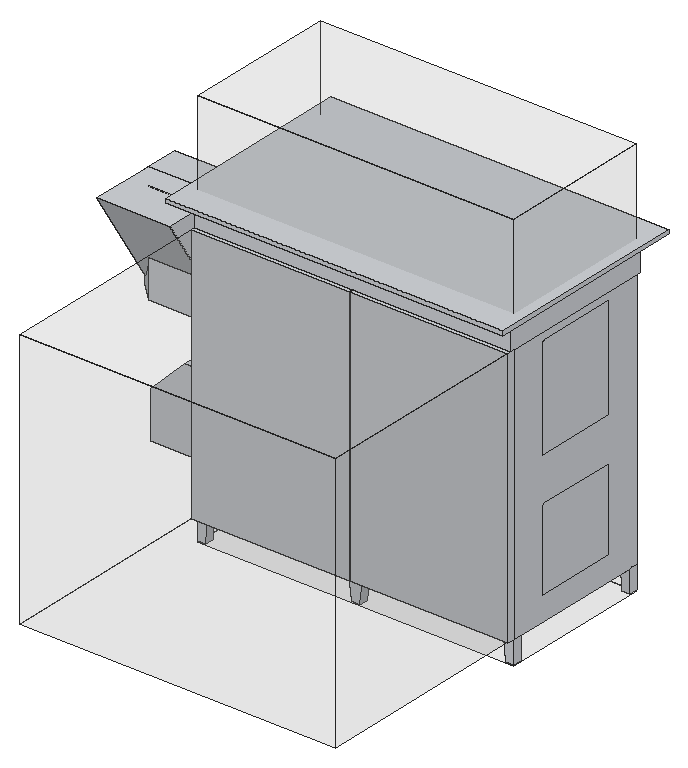
Revit family "AHU 3 _6", category Mechanické zařízení, Revit 2018
Family settings
  Kóta kulaté spojky = Použít průměr
  Typ dílu = Normální
  Číslo OmniClass = 23.75.00.00
  Nadpis OmniClass = Climate Control (HVAC)
  Založené na pracovní rovině = Ne
  Vždy vertikální = Ano
  Ořezat dutým tvarem při načtení = Ne
  Sdílené = Ne
  Bod výpočtu místnosti = Ne
Parameters (values of type "DUPLEXVENT Flexi (3G) DV4500 (RD5)")
  Width [instance] = 0.99 mm
  Weight [instance] = 478.00 kg
  URL = ""
  Type [instance] = "DUPLEXVENT Flexi (3G) DV4500 (RD5)"
  Total_SFP [instance] = 0
  Supply_outlet_hum [instance] = 25.1
  Supply_inlet_hum [instance] = 90
  Supply_ext_pressure [instance] = 200.0 Pa
  Supply_SFP [instance] = 0
  Source_adu_file [instance] = "C:\\\\Users\\\\dgavril\\\\OneDrive - Airflow Developments Ltd\\\\Desktop\\\\adu durley chine V4.adu"
  Recuperation_type [instance] = "Plate heat recovery exchanger"
  Recuperation_efficiency_EN308 [instance] = 82.6
  Project_name [instance] = "Durley Chine Passivhaus"
  Project_date [instance] = "13-08-2021"
  Power_supply_fusing [instance] = "0"
  Power_supply_cable [instance] = "0"
  Position [instance] = "AHU 3 "
  Phases_count [instance] = 3
  Panel_thickness [instance] = 0.06 mm
  Outer_surface [instance] = "RAL 9002"
  Length [instance] = 1.95 mm
  Insulation_type [instance] = "PUR"
  Insulation_thickness [instance] = 0.05 mm
  Installation_environment [instance] = ""
  Input_power_max [instance] = 5000 W
  Inner_surface [instance] = "Pozink"
  I2 [instance] = I1  # 0.0 L/s
  Height [instance] = 1.6 mm
  Exhaust_outlet_hum [instance] = 96
  Exhaust_inlet_hum [instance] = 40
  Exhaust_ext_pressure [instance] = 200.0 Pa
  Exhaust_SFP [instance] = 0
  E1 [instance] = E2 - M1  # 0.0 L/s
  E2 [instance] = 0.0 L/s
  I1 [instance] = 0.0 L/s
  Description = ""
  M1 [instance] = 0.0 L/s
  Device_dutypoint_version [instance] = "36"
  Device_design_version [instance] = "112"
  Device_adu_id [instance] = "6"
  Current_max [instance] = 7.6 A
  Casing_mat [instance] = "painted zinc layer"
  Cable type [instance] = "CYKY 5Jx2,5"
Reference planes
  plane 1 "Střed (vpředu/vzadu)": y = 0
  plane 2 "ref": z = 0
  plane 3 "Střed (vlevo/vpravo)": x = 0
Forms (mm)
  Sweep 1, solid
    path origin (0, 0, 0) x (0, 0, 1) y (1, 0, 0)
      loop
        line (0, 0) -> (1600, 0)
    profile origin (0, 0, 0) x (1, 0, 0) y (0, 1, 0)
      loop
        line (0, 0) -> (1950, 0) -> (1950, 945) -> (0, 945) -> (0, 0)
  Sweep 2, solid
    path origin (0, 0, 0) x (0, 0, 1) y (1, 0, 0)
      loop
        line (0, 0) -> (1600, 0)
    profile origin (0, 0, 0) x (1, 0, 0) y (0, 1, 0)
      loop
        line (0, 0) -> (0, -45) -> (1950, -45) -> (1950, 0) -> (0, 0)
  Sweep 3, solid
    path origin (-233, 720, 400) x (1, 0, 0) y (0, 1, 0)
      loop
        line (0, 0) -> (0, -500)
    profile origin (-233, 720, 400) x (1, 0, 0) y (0, 0, 1)
      loop
        line (233, 250) -> (-23, 250) -> (-233, 41) -> (-233, -250) -> (233, -250) -> (233, 250)
  Sweep 4, solid
    path origin (0, 0, 150) x (0, 0, 1) y (1, 0, 0)
      loop
        line (0, 0) -> (500, 0)
    profile origin (0, 0, 150) x (1, 0, 0) y (0, 1, 0)
      loop
        line (-1, 220) -> (0, 220) -> (0, 720) -> (-1, 720) -> (-1, 220)
  Sweep 5, solid
    path origin (1949, 470, 1240) x (1, 0, 0) y (0, 1, 0)
      loop
        line (0, 0) -> (1, 0)
    profile origin (1949, 470, 1240) x (0, 1, 0) y (0, 0, 1)
      loop
        line (-250, 315) -> (-250, -315) -> (250, -315) -> (250, 315) -> (-250, 315)
  Sweep 6, solid
    path origin (1949, 470, 400) x (1, 0, 0) y (0, 1, 0)
      loop
        line (0, 0) -> (1, 0)
    profile origin (1949, 470, 400) x (0, 1, 0) y (0, 0, 1)
      loop
        line (-250, 250) -> (-250, -250) -> (250, -250) -> (250, 250) -> (-250, 250)
  Sweep 7, solid
    path origin (-300, 470, 925) x (0, 0, 1) y (1, 0, 0)
      loop
        line (0, 0) -> (630, 0)
    profile origin (-300, 470, 925) x (1, 0, 0) y (0, 1, 0)
      loop
        line (300, 250) -> (150, 250) -> (150, 100) -> (-300, 100) -> (-300, -125) -> (-175, -250) -> (300, -250) -> (300, 250)
  Sweep 8, solid
    path origin (-150, 470, 1240) x (0, 1, 0) y (-1, 0, 0)
      loop
        line (0, 0) -> (0, 450)
    profile origin (-150, 470, 1240) x (0, -1, 0) y (0, 0, 1)
      loop
        line (100, -315) -> (500, 315) -> (100, 315) -> (100, -315)
  Sweep 9, solid
    path origin (0, 0, 925) x (0, 0, 1) y (1, 0, 0)
      loop
        line (0, 0) -> (630, 0)
    profile origin (0, 0, 925) x (1, 0, 0) y (0, 1, 0)
      loop
        line (-1, 220) -> (0, 220) -> (0, 720) -> (-1, 720) -> (-1, 220)
  Sweep 10, solid
    path origin (0, 0, 1775) x (0, 0, 1) y (1, 0, 0)
      loop
        line (0, 0) -> (25, 0)
    profile origin (0, 0, 1775) x (1, 0, 0) y (0, 1, 0)
      loop
        line (-65, -165) -> (2015, -165) -> (2015, 1110) -> (-65, 1110) -> (-65, -165)
  Sweep 11, solid
    path origin (0, 0, 1600) x (0, 0, 1) y (1, 0, 0)
      loop
        line (0, 0) -> (175, 0)
    profile origin (0, 0, 1600) x (1, 0, 0) y (0, 1, 0)
      loop
        line (0, -25) -> (1950, -25) -> (1950, 970) -> (0, 970) -> (0, -25)
  Sweep 12, solid
    path origin (750, 357, 0) x (0, -1, 0) y (0, 0, 1)
      loop
        line (0, 0) -> (0, -30)
    profile origin (750, 357, 0) x (-1, 0, 0) y (0, -1, 0)
      loop
        circle (0, 0) r 16
  Sweep 13, solid, material "Servisní prostor"
    path origin (0, 0, 0) x (0, 0, 1) y (1, 0, 0)
      loop
        line (0, 0) -> (1600, 0)
    profile origin (0, 0, 0) x (1, 0, 0) y (0, 1, 0)
      loop
        line (0, -1370) -> (1950, -1370) -> (1950, -45) -> (0, -45) -> (0, -1370)
  Sweep 14, solid, material "Servisní prostor"
    path origin (0, 0, 1600) x (0, 0, 1) y (1, 0, 0)
      loop
        line (0, 0) -> (720, 0)
    profile origin (0, 0, 1600) x (1, 0, 0) y (0, 1, 0)
      loop
        line (0, 0) -> (1950, 0) -> (1950, 945) -> (0, 945) -> (0, 0)
  Sweep 15, solid, material "Servisní prostor"
    path origin (0, 0, -150) x (0, 0, 1) y (1, 0, 0)
      loop
        line (0, 0) -> (150, 0)
    profile origin (0, 0, -150) x (1, 0, 0) y (0, 1, 0)
      loop
        line (0, 945) -> (0, 0) -> (1950, 0) -> (1950, 945) -> (0, 945)
  Sweep 16, solid
    path origin (0, 0, 0) x (0, 0, 1) y (1, 0, 0)
      loop
        line (0, 0) -> (1600, 0)
    profile origin (0, 0, 0) x (1, 0, 0) y (0, 1, 0)
      loop
        line (0, -45) -> (975, -45) -> (975, -5) -> (0, -5) -> (0, -45)
  Sweep 17, solid
    path origin (0, 0, 0) x (0, 0, 1) y (1, 0, 0)
      loop
        line (0, 0) -> (1600, 0)
    profile origin (0, 0, 0) x (1, 0, 0) y (0, 1, 0)
      loop
        line (975, -45) -> (1950, -45) -> (1950, -5) -> (975, -5) -> (975, -45)
  Sweep 18, solid
    path origin (25, 50, 0) x (1, 0, 0) y (0, 1, 0)
      loop
        line (0, 0) -> (0, -50)
    profile origin (25, 50, 0) x (1, 0, 0) y (0, 0, 1)
      loop
        line (-25, 0) -> (-25, -140) -> (25, -140) -> (35, 0) -> (-25, 0)
  Sweep 19, solid
    path origin (1925, 50, 0) x (1, 0, 0) y (0, 1, 0)
      loop
        line (0, 0) -> (0, -50)
    profile origin (1925, 50, 0) x (1, 0, 0) y (0, 0, 1)
      loop
        line (-35, 0) -> (-25, -140) -> (25, -140) -> (25, 0) -> (-35, 0)
  Sweep 20, solid
    path origin (25, 945, 0) x (1, 0, 0) y (0, 1, 0)
      loop
        line (0, 0) -> (0, -50)
    profile origin (25, 945, 0) x (1, 0, 0) y (0, 0, 1)
      loop
        line (-25, 0) -> (-25, -140) -> (25, -140) -> (35, 0) -> (-25, 0)
  Sweep 21, solid
    path origin (1925, 945, 0) x (1, 0, 0) y (0, 1, 0)
      loop
        line (0, 0) -> (0, -50)
    profile origin (1925, 945, 0) x (1, 0, 0) y (0, 0, 1)
      loop
        line (-35, 0) -> (-25, -140) -> (25, -140) -> (25, 0) -> (-35, 0)
  Sweep 22, solid
    path origin (975, 50, 0) x (1, 0, 0) y (0, 1, 0)
      loop
        line (0, 0) -> (0, -50)
    profile origin (975, 50, 0) x (1, 0, 0) y (0, 0, 1)
      loop
        line (-45, 0) -> (-25, -140) -> (25, -140) -> (45, 0) -> (-45, 0)
  Sweep 23, solid
    path origin (975, 945, 0) x (1, 0, 0) y (0, 1, 0)
      loop
        line (0, 0) -> (0, -50)
    profile origin (975, 945, 0) x (1, 0, 0) y (0, 0, 1)
      loop
        line (-45, 0) -> (-25, -140) -> (25, -140) -> (45, 0) -> (-45, 0)
  Sweep 24, solid
    path origin (0, 0, 1600) x (0, 0, 1) y (1, 0, 0)
      loop
        line (0, 0) -> (125, 0)
    profile origin (0, 0, 1600) x (1, 0, 0) y (0, 1, 0)
      loop
        line (650, 45) -> (1305, 45) -> (1305, 235) -> (650, 235) -> (650, 45)
  Sweep 25, solid
    path origin (650, 140, 1663) x (0, 0, -1) y (1, 0, 0)
      loop
        line (0, 0) -> (0, -1)
    profile origin (650, 140, 1663) x (0, 0, -1) y (0, -1, 0)
      loop
        circle (0, 0) r 10
Lines and regions (mm)
  model lines, style "Symbol"
    curve 1: line (1000, -45, 0) -> (1000, -45, 320)
    curve 2: line (1000, -45, 1600) -> (1000, -45, 1280)
    curve 3: line (0, -45, 800) -> (520, -45, 800)
    curve 4: line (1950, -45, 800) -> (1480, -45, 800)
    curve 5: line (520, -45, 800) -> (760, -45, 1280)
    curve 6: line (760, -45, 1280) -> (1240, -45, 1280)
    curve 7: line (1240, -45, 1280) -> (1480, -45, 800)
    curve 8: line (1480, -45, 800) -> (1240, -45, 320)
    curve 9: line (1240, -45, 320) -> (1000, -45, 320)
    curve 10: line (1000, -45, 320) -> (760, -45, 320)
    curve 11: line (760, -45, 320) -> (520, -45, 800)
    curve 12: line (1598, -45, 1314) -> (1854, -45, 1270)
    curve 13: line (1598, -45, 1086) -> (1854, -45, 1130)
    curve 14: line (352, -45, 1086) -> (96, -45, 1130)
    curve 15: line (352, -45, 1314) -> (96, -45, 1270)
    curve 16: line (175, -45, 160) -> (175, -45, 640)
    curve 17: line (175, -45, 640) -> (292, -45, 640)
    curve 18: line (292, -45, 640) -> (292, -45, 160)
    curve 19: line (292, -45, 160) -> (175, -45, 160)
    curve 20: line (234, -45, 160) -> (292, -45, 400)
    curve 21: line (234, -45, 640) -> (292, -45, 400)
    curve 22: line (1774, -45, 640) -> (1774, -45, 160)
    curve 23: line (1774, -45, 160) -> (1657, -45, 160)
    curve 24: line (1657, -45, 160) -> (1657, -45, 640)
    curve 25: line (1657, -45, 640) -> (1774, -45, 640)
    curve 26: line (1716, -45, 640) -> (1657, -45, 400)
    curve 27: line (1716, -45, 160) -> (1657, -45, 400)
    curve 28: line (673, -45, 280) -> (455, -45, 708)
    curve 29: line (455, -45, 708) -> (527, -45, 744)
    curve 30: line (527, -45, 744) -> (745, -45, 316)
    curve 31: line (745, -45, 316) -> (673, -45, 280)
    curve 32: line (542, -45, 554) -> (570, -45, 641)
    curve 33: line (630, -45, 383) -> (658, -45, 470)
    curve 34: line (0, -45, 0) -> (975, -45, 0)
    curve 35: line (0, -45, 1600) -> (975, -45, 1600)
    curve 36: line (0, -45, 0) -> (0, -45, 1600)
    curve 37: line (975, -45, 0) -> (975, -45, 1600)
    curve 38: line (0, -45, 0) -> (0, -5, 0)
    curve 39: line (975, -45, 0) -> (975, -5, 0)
    curve 40: line (0, -45, 1600) -> (0, -5, 1600)
    curve 41: line (975, -45, 1600) -> (975, -5, 1600)
    curve 42: line (975, -45, 0) -> (1950, -45, 0)
    curve 43: line (975, -45, 1600) -> (1950, -45, 1600)
    curve 44: line (975, -45, 0) -> (975, -45, 1600)
    curve 45: line (1950, -45, 0) -> (1950, -45, 1600)
    curve 46: line (975, -45, 0) -> (975, -5, 0)
    curve 47: line (1950, -45, 0) -> (1950, -5, 0)
    curve 48: line (975, -45, 1600) -> (975, -5, 1600)
    curve 49: line (1950, -45, 1600) -> (1950, -5, 1600)
    curve 50: circle (1710, -45, 1200) r 160 normal (0, -1, 0)
    curve 51: circle (240, -45, 1200) r 160 normal (0, -1, 0)
    curve 52: circle (556, -45, 598) r 12 normal (0, -1, 0)
    curve 53: circle (644, -45, 426) r 12 normal (0, -1, 0)
Dimensions and locks
  aligned and locked: level to plane 2 "ref"
Connectors
  hvac at (-0.5, 470, 650), driven by "E1"
    settings: on Sweep 4, index 1, duct flow 0.0 L/s, flow factor 0, pres drop 0.0 Pa, loss coef 0, conn angle 0.00°, conn width 10 mm, conn height 10 mm, conn diameter 609.6 mm, duct sys type 1, conn prof type 1, flow config 1, flow direction 1, loss method 0, conn ref index -1, conn util no, is conn primary yes, conn desc ""
  hvac at (1950, 470, 1240), driven by "E2"
    settings: on Sweep 5, index 2, duct flow 0.0 L/s, flow factor 1, pres drop 0.0 Pa, loss coef 0, conn angle 0.00°, conn width 500 mm, conn height 630 mm, conn diameter 609.6 mm, duct sys type 1, conn prof type 1, flow config 2, flow direction 2, loss method 0, conn ref index -1, conn util no, is conn primary no, conn desc ""
  hvac at (1950, 470, 400), driven by "I1"
    settings: on Sweep 6, index 3, duct flow 0.0 L/s, flow factor 1, pres drop 0.0 Pa, loss coef 0, conn angle 0.00°, conn width 500 mm, conn height 500 mm, conn diameter 609.6 mm, duct sys type 3, conn prof type 1, flow config 2, flow direction 1, loss method 0, conn ref index -1, conn util no, is conn primary no, conn desc ""
  hvac at (-0.5, 470, 1555), driven by "I2"
    settings: on Sweep 9, index 4, duct flow 0.0 L/s, flow factor 0, pres drop 0.0 Pa, loss coef 0, conn angle 0.00°, conn width 10 mm, conn height 10 mm, conn diameter 609.6 mm, duct sys type 3, conn prof type 1, flow config 1, flow direction 2, loss method 0, conn ref index -1, conn util no, is conn primary no, conn desc ""
  piping at (750, 357, -30), diameter 22
    settings: on Sweep 12, index 5, connector inside diameter 609.6 mm, connector length 0 mm, flow factor 0, pipe flow 0.0 L/s, pressure drop 0.0 Pa, fitting loss kfactor 0, connector angle 0.00°, fixture units 0, engagement length 0 mm, angle of deflection 0.00°, flow configuration 1, flow direction 2, fitting loss method 0, system type 16, joint type 0, gender type 0, connector reference index -1, connector utility 0, adjustable connector no, is connector primary yes, connector description ""
  electrical at (649, 140, 1663)
    settings: on Sweep 25, index 6, voltage 400 V, apparent load 0 VA, apparent load phase1 0 VA, apparent load phase2 0 VA, apparent load phase3 0 VA, power factor 1, load classification "Další", number of poles 3, system type 31, power factor state 1, is connector primary yes, connector utility no, sub classification motor no, connector description ""
